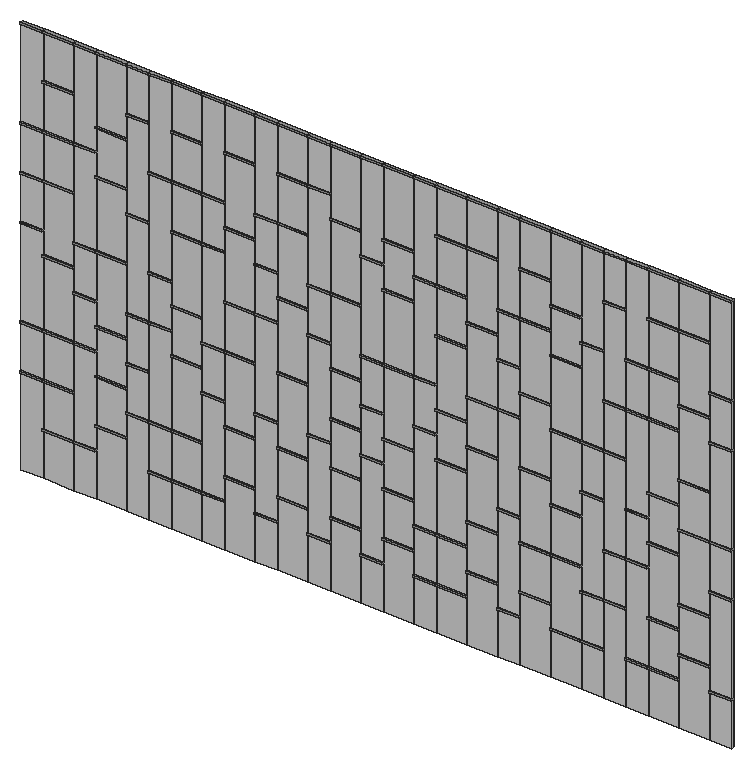
Revit family "SUR-FLD-023_GRUPPO_RFA", category Modelos genéricos, Revit 2022 (continued)
Forms (in)
  Extrusion 692, solid
    sketch origin (171.00164, 0, -6.00053) x (1, 0, 0) y (0, 1, 0)
      loop
        line (6, 0) -> (6, -0.23622) -> (14.25008, -0.23622) -> (14.25008, 0) -> (6, 0)
    from 36.00017 to 53.52769
  Extrusion 693, solid
    sketch origin (171.00164, -0.23622, -23.52814) x (1, 0, 0) y (0, 1, 0)
      loop
        line (6, 0.23622) -> (6, -0.76378) -> (14.25008, -0.76378) -> (14.25008, 0.23622) -> (6, 0.23622)
    from 41.05559 to 41.52812
  Extrusion 694, solid
    sketch origin (171.00164, -0.47244, -30.00025) x (1, 0, 0) y (0, 1, 0)
      loop
        line (6, 0) -> (6, -0.11811) -> (14.25008, -0.11811) -> (14.25008, 0) -> (6, 0)
    from 30.00019 to 47.5277
  Extrusion 695, solid
    sketch origin (171.00164, -0.23622, -36.00023) x (1, 0, 0) y (0, 1, 0)
      loop
        line (6, 0) -> (6, -0.23622) -> (14.25008, -0.23622) -> (14.25008, 0) -> (6, 0)
    from 36.00017 to 53.52769
  Extrusion 696, solid
    sketch origin (171.00164, 0, -36.00023) x (1, 0, 0) y (0, 1, 0)
      loop
        line (6, 0) -> (6, -0.23622) -> (14.25008, -0.23622) -> (14.25008, 0) -> (6, 0)
    from 36.00017 to 53.52769
  Extrusion 697, solid
    sketch origin (162.75157, -0.23622, 30.47199) x (1, 0, 0) y (0, 1, 0)
      loop
        line (6, 0.23622) -> (6, -0.76378) -> (14.25008, -0.76378) -> (14.25008, 0.23622) -> (6, 0.23622)
    from 41.05559 to 41.52812
  Extrusion 698, solid
    sketch origin (162.75157, -0.47244, 23.99988) x (1, 0, 0) y (0, 1, 0)
      loop
        line (6, 0) -> (6, -0.11811) -> (14.25008, -0.11811) -> (14.25008, 0) -> (6, 0)
    from 30.00019 to 47.5277
  Extrusion 699, solid
    sketch origin (162.75157, -0.23622, 17.9999) x (1, 0, 0) y (0, 1, 0)
      loop
        line (6, 0) -> (6, -0.23622) -> (14.25008, -0.23622) -> (14.25008, 0) -> (6, 0)
    from 36.00017 to 53.52769
  Extrusion 700, solid
    sketch origin (162.75157, 0, 17.9999) x (1, 0, 0) y (0, 1, 0)
      loop
        line (6, 0) -> (6, -0.23622) -> (14.25008, -0.23622) -> (14.25008, 0) -> (6, 0)
    from 36.00017 to 53.52769
  Extrusion 701, solid
    sketch origin (171.00164, -0.23622, 36.47126) x (1, 0, 0) y (0, 1, 0)
      loop
        line (6, 0.23622) -> (6, -0.76378) -> (14.25008, -0.76378) -> (14.25008, 0.23622) -> (6, 0.23622)
    from 41.05559 to 41.52812
  Extrusion 702, solid
    sketch origin (171.00164, -0.47244, 29.99915) x (1, 0, 0) y (0, 1, 0)
      loop
        line (6, 0) -> (6, -0.11811) -> (14.25008, -0.11811) -> (14.25008, 0) -> (6, 0)
    from 30.00019 to 47.5277
  Extrusion 703, solid
    sketch origin (171.00164, -0.23622, 23.99916) x (1, 0, 0) y (0, 1, 0)
      loop
        line (6, 0) -> (6, -0.23622) -> (14.25008, -0.23622) -> (14.25008, 0) -> (6, 0)
    from 36.00017 to 53.52769
  Extrusion 704, solid
    sketch origin (171.00164, 0, 23.99916) x (1, 0, 0) y (0, 1, 0)
      loop
        line (6, 0) -> (6, -0.23622) -> (14.25008, -0.23622) -> (14.25008, 0) -> (6, 0)
    from 36.00017 to 53.52769
  Extrusion 705, solid
    sketch origin (171.00164, -0.23622, 54.4713) x (1, 0, 0) y (0, 1, 0)
      loop
        line (6, 0.23622) -> (6, -0.76378) -> (14.25008, -0.76378) -> (14.25008, 0.23622) -> (6, 0.23622)
    from 41.05559 to 41.52812
  Extrusion 706, solid
    sketch origin (171.00164, -0.47244, 47.99919) x (1, 0, 0) y (0, 1, 0)
      loop
        line (6, 0) -> (6, -0.11811) -> (14.25008, -0.11811) -> (14.25008, 0) -> (6, 0)
    from 30.00019 to 47.5277
  Extrusion 707, solid
    sketch origin (171.00164, -0.23622, 41.99921) x (1, 0, 0) y (0, 1, 0)
      loop
        line (6, 0) -> (6, -0.23622) -> (14.25008, -0.23622) -> (14.25008, 0) -> (6, 0)
    from 36.00017 to 53.52769
  Extrusion 708, solid
    sketch origin (171.00164, 0, 41.99921) x (1, 0, 0) y (0, 1, 0)
      loop
        line (6, 0) -> (6, -0.23622) -> (14.25008, -0.23622) -> (14.25008, 0) -> (6, 0)
    from 36.00017 to 53.52769
  Extrusion 709, solid
    sketch origin (185.25172, 0, 83.99904) x (1, 0, 0) y (0, 1, 0)
      loop
        line (0, 0) -> (0, -0.23622) -> (6.00006, -0.23622) -> (6.00006, 0) -> (0, 0)
    from 0 to 23.52796
  Extrusion 710, solid
    sketch origin (185.25172, -0.23622, 83.99904) x (1, 0, 0) y (0, 1, 0)
      loop
        line (0, 0) -> (0, -0.23622) -> (6.00006, -0.23622) -> (6.00006, 0) -> (0, 0)
    from 0 to 23.52796
  Extrusion 711, solid
    sketch origin (185.25172, -0.47244, 83.99904) x (1, 0, 0) y (0, 1, 0)
      loop
        line (0, 0) -> (0, -0.11811) -> (6.00006, -0.11811) -> (6.00006, 0) -> (0, 0)
    from 0 to 23.52796
  Extrusion 712, solid
    sketch origin (185.25172, -0.23622, 84.47112) x (1, 0, 0) y (0, 1, 0)
      loop
        line (0, 0.23622) -> (0, -0.76378) -> (6.00006, -0.76378) -> (6.00006, 0.23622) -> (0, 0.23622)
    from 23.05588 to 23.52796
  Extrusion 713, solid
    sketch origin (185.25172, 0, 47.99935) x (1, 0, 0) y (0, 1, 0)
      loop
        line (0, 0) -> (0, -0.23622) -> (6.00006, -0.23622) -> (6.00006, 0) -> (0, 0)
    from 0 to 23.52796
  Extrusion 714, solid
    sketch origin (185.25172, -0.23622, 47.99935) x (1, 0, 0) y (0, 1, 0)
      loop
        line (0, 0) -> (0, -0.23622) -> (6.00006, -0.23622) -> (6.00006, 0) -> (0, 0)
    from 0 to 23.52796
  Extrusion 715, solid
    sketch origin (185.25172, -0.47244, 47.99935) x (1, 0, 0) y (0, 1, 0)
      loop
        line (0, 0) -> (0, -0.11811) -> (6.00006, -0.11811) -> (6.00006, 0) -> (0, 0)
    from 0 to 23.52796
  Extrusion 716, solid
    sketch origin (185.25172, -0.23622, 48.47143) x (1, 0, 0) y (0, 1, 0)
      loop
        line (0, 0.23622) -> (0, -0.76378) -> (6.00006, -0.76378) -> (6.00006, 0.23622) -> (0, 0.23622)
    from 23.05588 to 23.52796
  Extrusion 717, solid
    sketch origin (185.25172, 0, 11.99999) x (1, 0, 0) y (0, 1, 0)
      loop
        line (0, 0) -> (0, -0.23622) -> (6.00006, -0.23622) -> (6.00006, 0) -> (0, 0)
    from 0 to 23.52796
  Extrusion 718, solid
    sketch origin (185.25172, -0.23622, 11.99999) x (1, 0, 0) y (0, 1, 0)
      loop
        line (0, 0) -> (0, -0.23622) -> (6.00006, -0.23622) -> (6.00006, 0) -> (0, 0)
    from 0 to 23.52796
  Extrusion 719, solid
    sketch origin (185.25172, -0.47244, 11.99999) x (1, 0, 0) y (0, 1, 0)
      loop
        line (0, 0) -> (0, -0.11811) -> (6.00006, -0.11811) -> (6.00006, 0) -> (0, 0)
    from 0 to 23.52796
  Extrusion 720, solid
    sketch origin (185.25172, -0.23622, 12.47207) x (1, 0, 0) y (0, 1, 0)
      loop
        line (0, 0.23622) -> (0, -0.76378) -> (6.00006, -0.76378) -> (6.00006, 0.23622) -> (0, 0.23622)
    from 23.05588 to 23.52796
  Extrusion 721, solid
    sketch origin (185.25172, 0, 47.99899) x (1, 0, 0) y (0, 1, 0)
      loop
        line (0, 0) -> (0, -0.23622) -> (6.00006, -0.23622) -> (6.00006, 0) -> (0, 0)
    from 24.0004 to 35.52797
  Extrusion 722, solid
    sketch origin (185.25172, -0.23622, 47.99899) x (1, 0, 0) y (0, 1, 0)
      loop
        line (0, 0) -> (0, -0.23622) -> (6.00006, -0.23622) -> (6.00006, 0) -> (0, 0)
    from 24.0004 to 35.52797
  Extrusion 723, solid
    sketch origin (185.25172, -0.23622, 60.47108) x (1, 0, 0) y (0, 1, 0)
      loop
        line (0, 0.23622) -> (0, -0.76378) -> (6.00006, -0.76378) -> (6.00006, 0.23622) -> (0, 0.23622)
    from 23.05588 to 23.52796
  Extrusion 724, solid
    sketch origin (185.25172, -0.47244, 53.99897) x (1, 0, 0) y (0, 1, 0)
      loop
        line (0, 0) -> (0, -0.11811) -> (6.00006, -0.11811) -> (6.00006, 0) -> (0, 0)
    from 18.00042 to 29.52798
  Extrusion 725, solid
    sketch origin (185.25172, 0, 11.99963) x (1, 0, 0) y (0, 1, 0)
      loop
        line (0, 0) -> (0, -0.23622) -> (6.00006, -0.23622) -> (6.00006, 0) -> (0, 0)
    from 24.0004 to 35.52797
  Extrusion 726, solid
    sketch origin (185.25172, -0.23622, 11.99963) x (1, 0, 0) y (0, 1, 0)
      loop
        line (0, 0) -> (0, -0.23622) -> (6.00006, -0.23622) -> (6.00006, 0) -> (0, 0)
    from 24.0004 to 35.52797
  Extrusion 727, solid
    sketch origin (185.25172, -0.23622, 24.47172) x (1, 0, 0) y (0, 1, 0)
      loop
        line (0, 0.23622) -> (0, -0.76378) -> (6.00006, -0.76378) -> (6.00006, 0.23622) -> (0, 0.23622)
    from 23.05588 to 23.52796
  Extrusion 728, solid
    sketch origin (185.25172, -0.47244, 17.99961) x (1, 0, 0) y (0, 1, 0)
      loop
        line (0, 0) -> (0, -0.11811) -> (6.00006, -0.11811) -> (6.00006, 0) -> (0, 0)
    from 18.00042 to 29.52798
  Extrusion 729, solid
    sketch origin (185.25172, 0, -24.00006) x (1, 0, 0) y (0, 1, 0)
      loop
        line (0, 0) -> (0, -0.23622) -> (6.00006, -0.23622) -> (6.00006, 0) -> (0, 0)
    from 24.0004 to 35.52797
  Extrusion 730, solid
    sketch origin (185.25172, -0.23622, -24.00006) x (1, 0, 0) y (0, 1, 0)
      loop
        line (0, 0) -> (0, -0.23622) -> (6.00006, -0.23622) -> (6.00006, 0) -> (0, 0)
    from 24.0004 to 35.52797
  Extrusion 731, solid
    sketch origin (185.25172, -0.23622, -11.52797) x (1, 0, 0) y (0, 1, 0)
      loop
        line (0, 0.23622) -> (0, -0.76378) -> (6.00006, -0.76378) -> (6.00006, 0.23622) -> (0, 0.23622)
    from 23.05588 to 23.52796
  Extrusion 732, solid
    sketch origin (185.25172, -0.47244, -18.00008) x (1, 0, 0) y (0, 1, 0)
      loop
        line (0, 0) -> (0, -0.11811) -> (6.00006, -0.11811) -> (6.00006, 0) -> (0, 0)
    from 18.00042 to 29.52798
Dimensions and locks (in)
  aligned and locked: level to plane 2
